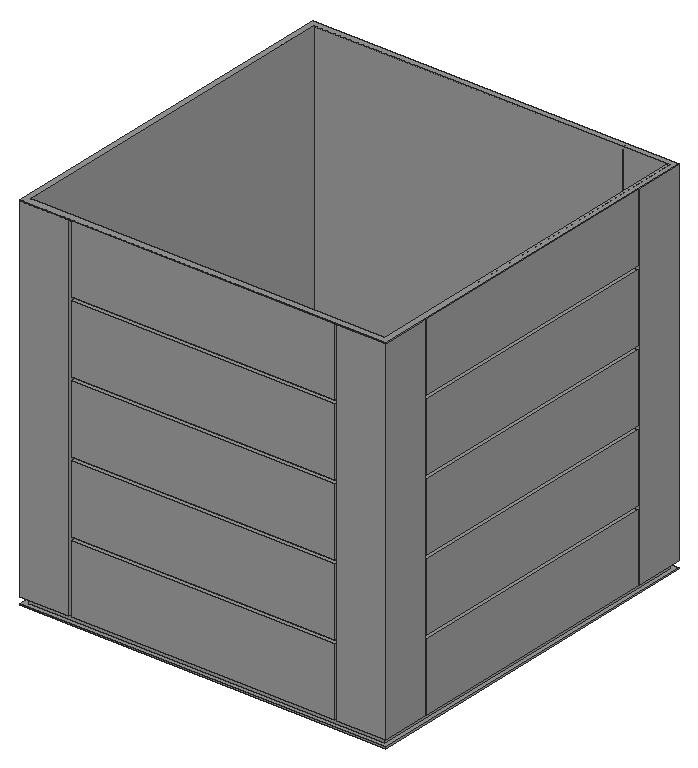
Revit family "20124 Цветочница «Фелиция» Хоббика", category Антураж, Revit 2018
Family settings
  На основе рабочей плоскости = Нет
  Всегда вертикально = Да
  При загрузке вырезать с полостями = Нет
  Источник визуального образа = Геометрия семейства
  Общий = Нет
  Точка расчета площади = Нет
Parameters (values of type "Цветочница «Фелиция»")
  Ширина = 750 mm  # constant formula
  Цвет отделки = Дерево
  Цвет каркаса = Сталь
  Описание = "Цветочница «Фелиция»"  # constant formula
  Материал изделия = "Сталь, дерево"  # constant formula
  Изображение типоразмера = Цветочница «Фелиция» Арт 20124.jpg
  Изготовитель = "ООО «Хоббика»"  # constant formula
  Длина = 750 mm  # constant formula
  Группа модели = "Цветочницы и уличные вазоны для цветов"  # constant formula
  Высота = 745 mm  # constant formula
  Артикул товара = "Арт. 20124"  # constant formula
  URL = "https://hobbyka.ru/product/tsvetochnitsa_felitsiya"
Reference planes
  plane 1 "По центру (Вперед/Назад)": y = 0
  plane 2: z = 0
  plane 3 "По центру (Влево/Вправо)": x = 0
  plane 4: y = 750
  plane 5: x = 750
  plane 6: z = 745
Forms (mm)
  Sweep 1, solid, material "Сталь" <- "Цвет каркаса"
    path origin (0, 0, 0) x (1, 0, 0) y (0, 1, 0)
      loop
        line (0, 750) -> (0, 0) -> (750, 0) -> (750, 750) -> (0, 750)
    profile origin (375, 750, 0) x (0, 1, 0) y (0, 0, 1)
      loop
        line (0, 745) -> (-12, 745) -> (-12, 0) -> (0, 0) -> (0, 2) -> (-10, 2) -> (-10, 743) -> (0, 743) -> (0, 745)
  Extrusion 2, solid, material "Дерево" <- "Цвет отделки"
    sketch origin (0, 0, 0) x (1, 0, 0) y (0, 1, 0)
      loop
        line (0, 750) -> (0, 650) -> (10, 650) -> (10, 740) -> (100, 740) -> (100, 750) -> (0, 750)
      loop
        line (750, 750) -> (650, 750) -> (650, 740) -> (740, 740) -> (740, 650) -> (750, 650) -> (750, 750)
      loop
        line (0, 0) -> (100, 0) -> (100, 10) -> (10, 10) -> (10, 100) -> (0, 100) -> (0, 0)
      loop
        line (750, 0) -> (750, 100) -> (740, 100) -> (740, 10) -> (650, 10) -> (650, 0) -> (750, 0)
    from 15 to 743
  Extrusion 3, solid, material "Дерево" <- "Цвет отделки"
    sketch origin (0, 0, 0) x (0, 1, 0) y (0, 0, 1)
      loop
        line (0, 15) -> (10, 15) -> (10, 155) -> (0, 155) -> (0, 15)
      loop
        line (740, 15) -> (750, 15) -> (750, 155) -> (740, 155) -> (740, 15)
    from 105 to 645
  Extrusion 4, solid, material "Дерево" <- "Цвет отделки"
    sketch origin (750, 0, 0) x (-1, 0, 0) y (0, 0, 1)
      loop
        line (0, 15) -> (10, 15) -> (10, 155) -> (0, 155) -> (0, 15)
      loop
        line (740, 15) -> (750, 15) -> (750, 155) -> (740, 155) -> (740, 15)
    from 105 to 645
  Extrusion 5, solid, material "Дерево" <- "Цвет отделки"
    sketch origin (750, 0, 588) x (-1, 0, 0) y (0, 0, 1)
      loop
        line (0, 15) -> (10, 15) -> (10, 155) -> (0, 155) -> (0, 15)
      loop
        line (740, 15) -> (750, 15) -> (750, 155) -> (740, 155) -> (740, 15)
    from 105 to 645
  Extrusion 6, solid, material "Дерево" <- "Цвет отделки"
    sketch origin (750, 0, 147) x (-1, 0, 0) y (0, 0, 1)
      loop
        line (0, 15) -> (10, 15) -> (10, 155) -> (0, 155) -> (0, 15)
      loop
        line (740, 15) -> (750, 15) -> (750, 155) -> (740, 155) -> (740, 15)
    from 105 to 645
  Extrusion 7, solid, material "Дерево" <- "Цвет отделки"
    sketch origin (750, 0, 294) x (-1, 0, 0) y (0, 0, 1)
      loop
        line (0, 15) -> (10, 15) -> (10, 155) -> (0, 155) -> (0, 15)
      loop
        line (740, 15) -> (750, 15) -> (750, 155) -> (740, 155) -> (740, 15)
    from 105 to 645
  Extrusion 8, solid, material "Дерево" <- "Цвет отделки"
    sketch origin (750, 0, 441) x (-1, 0, 0) y (0, 0, 1)
      loop
        line (0, 15) -> (10, 15) -> (10, 155) -> (0, 155) -> (0, 15)
      loop
        line (740, 15) -> (750, 15) -> (750, 155) -> (740, 155) -> (740, 15)
    from 105 to 645
  Extrusion 9, solid, material "Дерево" <- "Цвет отделки"
    sketch origin (0, 0, 588) x (0, 1, 0) y (0, 0, 1)
      loop
        line (0, 15) -> (10, 15) -> (10, 155) -> (0, 155) -> (0, 15)
      loop
        line (740, 15) -> (750, 15) -> (750, 155) -> (740, 155) -> (740, 15)
    from 105 to 645
  Extrusion 10, solid, material "Дерево" <- "Цвет отделки"
    sketch origin (0, 0, 147) x (0, 1, 0) y (0, 0, 1)
      loop
        line (0, 15) -> (10, 15) -> (10, 155) -> (0, 155) -> (0, 15)
      loop
        line (740, 15) -> (750, 15) -> (750, 155) -> (740, 155) -> (740, 15)
    from 105 to 645
  Extrusion 11, solid, material "Дерево" <- "Цвет отделки"
    sketch origin (0, 0, 294) x (0, 1, 0) y (0, 0, 1)
      loop
        line (0, 15) -> (10, 15) -> (10, 155) -> (0, 155) -> (0, 15)
      loop
        line (740, 15) -> (750, 15) -> (750, 155) -> (740, 155) -> (740, 15)
    from 105 to 645
  Extrusion 12, solid, material "Дерево" <- "Цвет отделки"
    sketch origin (0, 0, 441) x (0, 1, 0) y (0, 0, 1)
      loop
        line (0, 15) -> (10, 15) -> (10, 155) -> (0, 155) -> (0, 15)
      loop
        line (740, 15) -> (750, 15) -> (750, 155) -> (740, 155) -> (740, 15)
    from 105 to 645
  Extrusion 13, solid, material "Сталь" <- "Цвет каркаса"
    sketch origin (0, 0, 0) x (1, 0, 0) y (0, 1, 0)
      loop
        line (12, 738) -> (12, 12) -> (738, 12) -> (738, 738) -> (12, 738)
    from 0 to 2
Dimensions and locks
  "Ширина": plane 4 to plane 1 "По центру (Вперед/Назад)"
  "Длина": plane 5 to plane 3 "По центру (Влево/Вправо)"
  "Высота": level to plane 6
  plane 6 to Extrusion 2 = 730 mm
  equal spacing: group 1, group 3, group 4, group 5, group 2  (x3)
  equal spacing: group 6, group 8, group 9, group 10, group 7  (x3)
  aligned and locked: level to plane 2
Automatic sketch dimensions
  plane 1 "По центру (Вперед/Назад)" to Sweep 1 sketch curve = 0 mm
  Sweep 1 sketch curve to plane 3 "По центру (Влево/Вправо)" = 0 mm
  Sweep 1 sketch curve to plane 5 = 0 mm
  Sweep 1 sketch curve to plane 4 = 0 mm
  Sweep 1 sketch curve to level = 0 mm
  Sweep 1 sketch curve to profile plane = 0 mm  (x2)
  Sweep 1 sketch curve to Sweep 1 sketch curve = 10 mm
  level to Sweep 1 sketch curve = 743 mm
  level to Sweep 1 sketch curve = 2 mm
  Sweep 1 sketch curve to Sweep 1 sketch curve = 2 mm  (x2)
  Extrusion 2 sketch curve to plane 3 "По центру (Влево/Вправо)" = 0 mm  (x2)
  plane 1 "По центру (Вперед/Назад)" to Extrusion 2 sketch curve = 0 mm  (x2)
  Extrusion 2 sketch curve to plane 4 = 0 mm  (x2)
  Extrusion 2 sketch curve to plane 5 = 0 mm  (x2)
  plane 3 "По центру (Влево/Вправо)" to Extrusion 2 sketch curve = 10 mm  (x2)
  Extrusion 2 sketch curve to plane 4 = 10 mm  (x2)
  Extrusion 2 sketch curve to Extrusion 2 sketch curve = 90 mm  (x6)
  Extrusion 2 sketch curve to plane 1 "По центру (Вперед/Назад)" = 10 mm  (x2)
  Extrusion 2 sketch curve to plane 5 = 100 mm  (x2)
  Extrusion 2 sketch curve to plane 5 = 10 mm  (x2)
  Extrusion 3 sketch curve to Extrusion 3 sketch curve = 140 mm  (x2)
  Extrusion 4 sketch curve to Extrusion 4 sketch curve = 10 mm  (x2)
  Extrusion 4 sketch curve to Extrusion 4 sketch curve = 140 mm  (x2)
  Extrusion 4 sketch curve to Extrusion 4 sketch curve = 730 mm
  Extrusion 4 sketch curve to Extrusion 4 sketch curve = 0 mm
  Extrusion 5 sketch curve to Extrusion 5 sketch curve = 10 mm  (x2)
  Extrusion 5 sketch curve to Extrusion 5 sketch curve = 140 mm  (x2)
  Extrusion 5 sketch curve to Extrusion 5 sketch curve = 730 mm
  Extrusion 5 sketch curve to Extrusion 5 sketch curve = 0 mm
  Extrusion 6 sketch curve to Extrusion 6 sketch curve = 10 mm  (x2)
  Extrusion 6 sketch curve to Extrusion 6 sketch curve = 140 mm  (x2)
  Extrusion 6 sketch curve to Extrusion 6 sketch curve = 730 mm
  Extrusion 6 sketch curve to Extrusion 6 sketch curve = 0 mm
  Extrusion 7 sketch curve to Extrusion 7 sketch curve = 10 mm  (x2)
  Extrusion 7 sketch curve to Extrusion 7 sketch curve = 140 mm  (x2)
  Extrusion 7 sketch curve to Extrusion 7 sketch curve = 730 mm
  Extrusion 7 sketch curve to Extrusion 7 sketch curve = 0 mm
  Extrusion 8 sketch curve to Extrusion 8 sketch curve = 10 mm  (x2)
  Extrusion 8 sketch curve to Extrusion 8 sketch curve = 140 mm  (x2)
  Extrusion 8 sketch curve to Extrusion 8 sketch curve = 730 mm
  Extrusion 8 sketch curve to Extrusion 8 sketch curve = 0 mm
  Extrusion 3 sketch curve to Extrusion 3 sketch curve = 10 mm  (x2)
  Extrusion 3 sketch curve to Extrusion 3 sketch curve = 730 mm
  Extrusion 3 sketch curve to Extrusion 3 sketch curve = 0 mm
  Extrusion 9 sketch curve to Extrusion 9 sketch curve = 140 mm  (x2)
  Extrusion 9 sketch curve to Extrusion 9 sketch curve = 10 mm  (x2)
  Extrusion 9 sketch curve to Extrusion 9 sketch curve = 730 mm
  Extrusion 9 sketch curve to Extrusion 9 sketch curve = 0 mm
  Extrusion 10 sketch curve to Extrusion 10 sketch curve = 140 mm  (x2)
  Extrusion 10 sketch curve to Extrusion 10 sketch curve = 10 mm  (x2)
  Extrusion 10 sketch curve to Extrusion 10 sketch curve = 730 mm
  Extrusion 10 sketch curve to Extrusion 10 sketch curve = 0 mm
  Extrusion 11 sketch curve to Extrusion 11 sketch curve = 140 mm  (x2)
  Extrusion 11 sketch curve to Extrusion 11 sketch curve = 10 mm  (x2)
  Extrusion 11 sketch curve to Extrusion 11 sketch curve = 730 mm
  Extrusion 11 sketch curve to Extrusion 11 sketch curve = 0 mm
  Extrusion 12 sketch curve to Extrusion 12 sketch curve = 140 mm  (x2)
  Extrusion 12 sketch curve to Extrusion 12 sketch curve = 10 mm  (x2)
  Extrusion 12 sketch curve to Extrusion 12 sketch curve = 730 mm
  Extrusion 12 sketch curve to Extrusion 12 sketch curve = 0 mm
  plane 3 "По центру (Влево/Вправо)" to Extrusion 13 sketch curve = 12 mm
  Extrusion 13 sketch curve to plane 5 = 12 mm
  Extrusion 13 sketch curve to plane 1 "По центру (Вперед/Назад)" = 12 mm
  Extrusion 13 sketch curve to plane 4 = 12 mm
